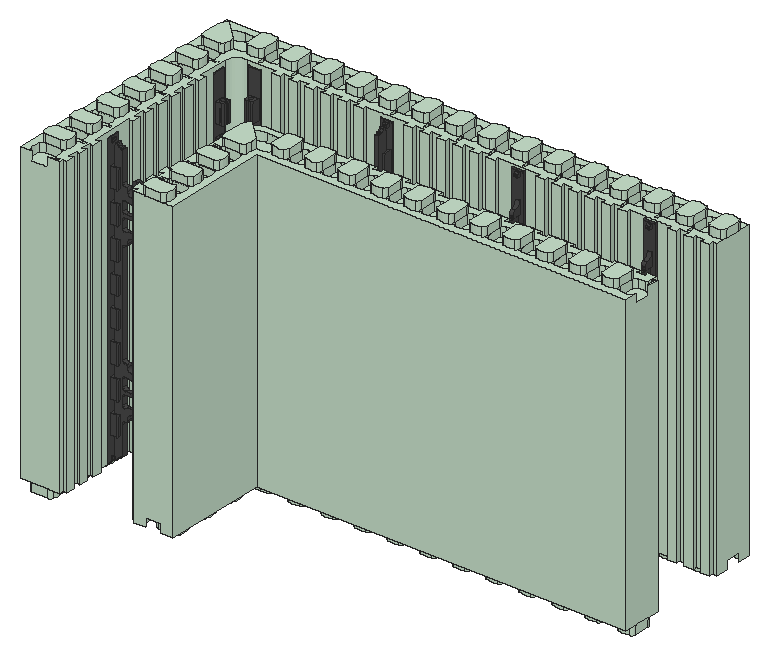
Revit family "ICF- NUDURA 4-inch- 90 Degree Form Unit- Imperial", category Generic Models, Revit 2011 (continued)
Definition of nested family "NUDURA Diamond Pattern Missing One Line"
  Lines and regions (in)
    model lines
      curve 179: arc (4.54562, -5.625, 0.57322) -> (4.61884, -5.625, 0.75) -> (4.54562, -5.625, 0.92678) r 0.25
      curve 180: line (4.17062, -5.625, 0.19822) -> (4.54562, -5.625, 0.57322)
      curve 181: arc (3.81706, -5.625, 0.19822) -> (3.99384, -5.625, 0.125) -> (4.17062, -5.625, 0.19822) r 0.25
      curve 182: line (3.44206, -5.625, 0.57322) -> (3.81706, -5.625, 0.19822)
      curve 183: arc (3.44206, -5.625, 0.92678) -> (3.36884, -5.625, 0.75) -> (3.44206, -5.625, 0.57322) r 0.25
      curve 184: line (3.81706, -5.625, 1.30178) -> (3.44206, -5.625, 0.92678)
      curve 185: arc (4.29059, -5.625, 3.14142) -> (4.23201, -5.625, 3) -> (4.29059, -5.625, 2.85858) r 0.2
      curve 186: arc (4.29059, -5.625, 4.64142) -> (4.23201, -5.625, 4.5) -> (4.29059, -5.625, 4.35858) r 0.2
      curve 187: arc (4.29059, -5.625, 6.14142) -> (4.23201, -5.625, 6) -> (4.29059, -5.625, 5.85858) r 0.2
      curve 188: arc (4.29059, -5.625, 7.64142) -> (4.23201, -5.625, 7.5) -> (4.29059, -5.625, 7.35858) r 0.2
      curve 189: arc (4.29059, -5.625, 9.14142) -> (4.23201, -5.625, 9) -> (4.29059, -5.625, 8.85858) r 0.2
      curve 190: arc (4.29059, -5.625, 10.64142) -> (4.23201, -5.625, 10.5) -> (4.29059, -5.625, 10.35858) r 0.2
      curve 191: arc (4.29059, -5.625, 12.14142) -> (4.23201, -5.625, 12) -> (4.29059, -5.625, 11.85858) r 0.2
      curve 192: arc (4.29059, -5.625, 13.64142) -> (4.23201, -5.625, 13.5) -> (4.29059, -5.625, 13.35858) r 0.2
      curve 193: arc (4.29059, -5.625, 15.14142) -> (4.23201, -5.625, 15) -> (4.29059, -5.625, 14.85858) r 0.2
      curve 194: arc (4.29059, -5.625, 16.64142) -> (4.23201, -5.625, 16.5) -> (4.29059, -5.625, 16.35858) r 0.2
